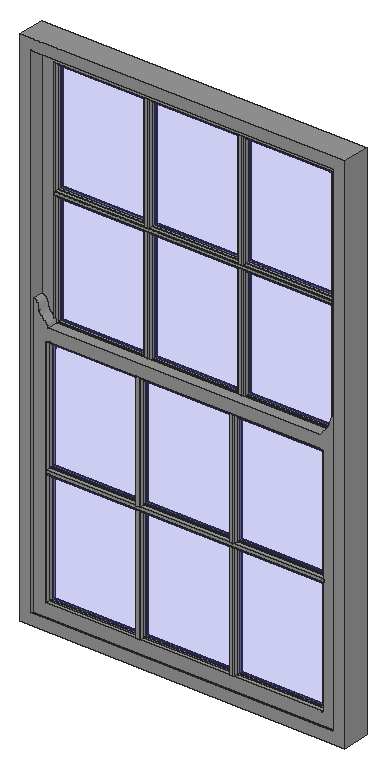
Revit family "HMS6SP", category Windows, host Wall, Revit 2015
Parameters (values of type "HMS6SP")
  Height = 2025 mm
  Default Lintel Height = 2100 mm
  Wall Closure = By host
  Width = 1250 mm
Reference planes
  plane 1 "Center (Front/Back)": y = 0
  plane 2 "Center (Left/Right)": x = 0
  plane 3 "Left": x = -625
  plane 4 "Right": x = 625
  plane 5 "Sill": z = 75
  plane 6 "Head": z = 2100
  plane 7 "Exterior": y = 100
  plane 8 "Interior": y = -100
  plane 9: y = -28.5
  plane 10: y = 23.5
  plane 11: z = 1087.5
  plane 12: z = 1116
  plane 13: z = 1059
Forms (mm)
  Sweep 1, solid, material "Lauan, Meranti"
    path origin (-10500, 23.5, 2100) x (0, 0, -1) y (-1, 0, 0)
      loop
        line (0, -11125) -> (2025, -11125) -> (2025, -9875) -> (0, -9875) -> (0, -11125)
    profile origin (0, 23.5, 2100) x (0, 0, 1) y (0, 1, 0)
      loop
        line (0, 29) -> (-42, 29) -> (-42, -76) -> (0, -76) -> (0, 29)
  Extrusion 2, solid, material "Lauan, Meranti"
    sketch origin (-10500, 0, 1550) x (0, 0, -1) y (-1, 0, 0)
      loop
        line (491, -11026) -> (491, -11083) -> (576, -11083)
        spline (576, -11083) -> (568.022, -11070.331) -> (558.494, -11063.581) -> (548.752, -11060.386) -> (540.116, -11058.399) -> (533.202, -11056.197) -> (527.644, -11053.636) -> (523.005, -11050.669) -> (518.783, -11047.149) -> (514.297, -11042.644) -> (508.83, -11036.691) -> (501.472, -11030.147) -> (491, -11026)
      loop
        spline (491, -9974) -> (501.472, -9969.853) -> (508.83, -9963.309) -> (514.297, -9957.356) -> (518.783, -9952.851) -> (523.005, -9949.331) -> (527.644, -9946.364) -> (533.202, -9943.803) -> (540.116, -9941.601) -> (548.752, -9939.614) -> (558.494, -9936.419) -> (568.022, -9929.669) -> (576, -9917)
        line (576, -9917) -> (491, -9917) -> (491, -9974)
    from 0 to 42
  Extrusion 3, solid, material "Lauan, Meranti"
    sketch origin (-10500, -42, 625) x (0, 0, 1) y (1, 0, 0)
      loop
        spline (491, 11026) -> (501.472, 11030.147) -> (508.83, 11036.691) -> (514.297, 11042.644) -> (518.783, 11047.149) -> (523.005, 11050.669) -> (527.644, 11053.636) -> (533.202, 11056.197) -> (540.116, 11058.399) -> (548.752, 11060.386) -> (558.494, 11063.581) -> (568.022, 11070.331) -> (576, 11083)
        line (576, 11083) -> (491, 11083) -> (491, 11026)
      loop
        line (491, 9974) -> (491, 9917) -> (576, 9917)
        spline (576, 9917) -> (568.022, 9929.669) -> (558.494, 9936.419) -> (548.752, 9939.614) -> (540.116, 9941.601) -> (533.202, 9943.803) -> (527.644, 9946.364) -> (523.005, 9949.331) -> (518.783, 9952.851) -> (514.297, 9957.356) -> (508.83, 9963.309) -> (501.472, 9969.853) -> (491, 9974)
    from 0 to 42
  Sweep 4, solid, material "Lauan, Meranti"
    path origin (-10670.807, 23.5, 1233.046) x (0, 0, -1) y (-1, 0, 0)
      loop
        line (117.046, -11253.807) -> (1116.046, -11253.807) -> (1116.046, -10087.807) -> (117.046, -10087.807) -> (117.046, -11253.807)
    profile origin (0, 23.5, 1116) x (0, 0, 1) y (0, 1, 0)
      loop
        line (0, -65.5) -> (0, -23.5) -> (-48, -23.5) -> (-48, -48.5) -> (-57, -48.5) -> (-57, -56.499) -> (-53.996, -56.499)
        arc (-53.996, -56.499) -> (-52.238, -60.744) -> (-47.994, -62.502) r 6.002
        line (-47.994, -62.502) -> (-47.994, -65.5) -> (0, -65.5)
  Sweep 5, solid, material "Lauan, Meranti"
    path origin (-10671.629, 23.5, 1769.103) x (0, 0, -1) y (-1, 0, 0)
      loop
        line (-288.897, -11254.629) -> (710.103, -11254.629) -> (710.103, -10088.629) -> (-288.897, -10088.629) -> (-288.897, -11254.629)
    profile origin (0, 23.5, 2058) x (0, 0, 1) y (0, 1, 0)
      loop
        line (-48, 18.5) -> (-48, -6.5) -> (-57, -6.5) -> (-57, -14.499) -> (-53.996, -14.499)
        arc (-53.996, -14.499) -> (-52.238, -18.744) -> (-47.994, -20.502) r 6.002
        line (-47.994, -20.502) -> (-47.994, -23.5) -> (0, -23.5) -> (0, 18.5) -> (-48, 18.5)
  Extrusion 6, solid, material "Lauan, Meranti"
    sketch origin (225, 18.5, -3.287) x (1, 0, 0) y (0, 1, 0)
      loop
        line (-51, 23.5) -> (-51, -1.5) -> (-60, -1.5) -> (-60, -9.5) -> (-57, -9.5)
        arc (-57, -9.5) -> (-55.243, -13.743) -> (-51, -15.5) r 6
        line (-51, -15.5) -> (-51, -18.5) -> (-38, -18.5) -> (-38, -15.5)
        arc (-38, -15.5) -> (-33.757, -13.743) -> (-32, -9.5) r 6
        line (-32, -9.5) -> (-29, -9.5) -> (-29, -1.5) -> (-38, -1.5) -> (-38, 23.5) -> (-51, 23.5)
      loop
        line (-412, 23.5) -> (-412, -1.5) -> (-421, -1.5) -> (-421, -9.5) -> (-418, -9.5)
        arc (-418, -9.5) -> (-416.243, -13.743) -> (-412, -15.5) r 6
        line (-412, -15.5) -> (-412, -18.5) -> (-399, -18.5) -> (-399, -15.5)
        arc (-399, -15.5) -> (-394.757, -13.743) -> (-393, -9.5) r 6
        line (-393, -9.5) -> (-390, -9.5) -> (-390, -1.5) -> (-399, -1.5) -> (-399, 23.5) -> (-412, 23.5)
    from 1568.287 to 2013.287
  Extrusion 7, solid, material "Glass"
    sketch origin (-10275, 17, 1900) x (0, 0, -1) y (-1, 0, 0)
      loop
        line (-110, -10810) -> (335, -10810) -> (335, -10462) -> (-110, -10462) -> (-110, -10810)
      loop
        line (-110, -10449) -> (335, -10449) -> (335, -10101) -> (-110, -10101) -> (-110, -10449)
      loop
        line (-110, -10088) -> (335, -10088) -> (335, -9740) -> (-110, -9740) -> (-110, -10088)
      loop
        line (348, -10810) -> (793, -10810) -> (793, -10462) -> (348, -10462) -> (348, -10810)
      loop
        line (348, -10449) -> (793, -10449) -> (793, -10101) -> (348, -10101) -> (348, -10449)
      loop
        line (348, -10088) -> (793, -10088) -> (793, -9740) -> (348, -9740) -> (348, -10088)
    from 0 to 6.4
  Sweep 8, solid, material "Lauan, Meranti"
    path origin (251.75, 100, -342.651) x (1, 0, 0) y (0, 0, 1)
      loop
        line (283.25, 2352.651) -> (-64.75, 2352.651) -> (-64.75, 1907.651) -> (283.25, 1907.651) -> (283.25, 2352.651)
    profile origin (361, 100, 2010) x (0, 0, -1) y (0, -1, 0)
      loop
        arc (0, 68.6) -> (4.67, 70.234) -> (7, 74.6) r 6.807
        line (7, 74.6) -> (9, 74.6) -> (9, 76.6) -> (0, 76.6) -> (0, 68.6)
  Extrusion 9, solid, material "Lauan, Meranti"
    sketch origin (1720.5, 18.5, 1558.5) x (0, 0, 1) y (0, 1, 0)
      loop
        line (-6.5, 23.5) -> (-6.5, -1.5) -> (-15.5, -1.5) -> (-15.5, -9.5) -> (-12.5, -9.5)
        arc (-12.5, -9.5) -> (-10.743, -13.743) -> (-6.5, -15.5) r 6
        line (-6.5, -15.5) -> (-6.5, -18.5) -> (6.5, -18.5) -> (6.5, -15.5)
        arc (6.5, -15.5) -> (10.743, -13.743) -> (12.5, -9.5) r 6
        line (12.5, -9.5) -> (15.5, -9.5) -> (15.5, -1.5) -> (6.5, -1.5) -> (6.5, 23.5) -> (-6.5, 23.5)
    from 1185.5 to 2255.5
  Extrusion 10, solid, material "Lauan, Meranti"
    sketch origin (225, 18.5, -348.287) x (1, 0, 0) y (0, 1, 0)
      loop
        line (-51, 23.5) -> (-51, -1.5) -> (-60, -1.5) -> (-60, -9.5) -> (-57, -9.5)
        arc (-57, -9.5) -> (-55.243, -13.743) -> (-51, -15.5) r 6
        line (-51, -15.5) -> (-51, -18.5) -> (-38, -18.5) -> (-38, -15.5)
        arc (-38, -15.5) -> (-33.757, -13.743) -> (-32, -9.5) r 6
        line (-32, -9.5) -> (-29, -9.5) -> (-29, -1.5) -> (-38, -1.5) -> (-38, 23.5) -> (-51, 23.5)
      loop
        line (-412, 23.5) -> (-412, -1.5) -> (-421, -1.5) -> (-421, -9.5) -> (-418, -9.5)
        arc (-418, -9.5) -> (-416.243, -13.743) -> (-412, -15.5) r 6
        line (-412, -15.5) -> (-412, -18.5) -> (-399, -18.5) -> (-399, -15.5)
        arc (-399, -15.5) -> (-394.757, -13.743) -> (-393, -9.5) r 6
        line (-393, -9.5) -> (-390, -9.5) -> (-390, -1.5) -> (-399, -1.5) -> (-399, 23.5) -> (-412, 23.5)
    from 1455.287 to 1900.287
  Sweep 11, solid, material "Lauan, Meranti"
    path origin (-59.25, 100, -342.651) x (1, 0, 0) y (0, 0, 1)
      loop
        line (233.25, 2352.651) -> (-114.75, 2352.651) -> (-114.75, 1907.651) -> (233.25, 1907.651) -> (233.25, 2352.651)
    profile origin (0, 100, 2010) x (0, 0, -1) y (0, -1, 0)
      loop
        arc (0, 68.6) -> (4.67, 70.234) -> (7, 74.6) r 6.807
        line (7, 74.6) -> (9, 74.6) -> (9, 76.6) -> (0, 76.6) -> (0, 68.6)
  Sweep 12, solid, material "Lauan, Meranti"
    path origin (-370.25, 100, -342.651) x (1, 0, 0) y (0, 0, 1)
      loop
        line (183.25, 2352.651) -> (-164.75, 2352.651) -> (-164.75, 1907.651) -> (183.25, 1907.651) -> (183.25, 2352.651)
    profile origin (-361, 100, 2010) x (0, 0, -1) y (0, -1, 0)
      loop
        arc (0, 68.6) -> (4.67, 70.234) -> (7, 74.6) r 6.807
        line (7, 74.6) -> (9, 74.6) -> (9, 76.6) -> (0, 76.6) -> (0, 68.6)
  Sweep 13, solid, material "Lauan, Meranti"
    path origin (251.75, 100, -688.151) x (1, 0, 0) y (0, 0, 1)
      loop
        line (283.25, 2240.151) -> (-64.75, 2240.151) -> (-64.75, 1795.151) -> (283.25, 1795.151) -> (283.25, 2240.151)
    profile origin (361, 100, 1552) x (0, 0, -1) y (0, -1, 0)
      loop
        arc (0, 68.6) -> (4.67, 70.234) -> (7, 74.6) r 6.807
        line (7, 74.6) -> (9, 74.6) -> (9, 76.6) -> (0, 76.6) -> (0, 68.6)
  Sweep 14, solid, material "Lauan, Meranti"
    path origin (-59.25, 100, -688.151) x (1, 0, 0) y (0, 0, 1)
      loop
        line (233.25, 2240.151) -> (-114.75, 2240.151) -> (-114.75, 1795.151) -> (233.25, 1795.151) -> (233.25, 2240.151)
    profile origin (0, 100, 1552) x (0, 0, -1) y (0, -1, 0)
      loop
        arc (0, 68.6) -> (4.67, 70.234) -> (7, 74.6) r 6.807
        line (7, 74.6) -> (9, 74.6) -> (9, 76.6) -> (0, 76.6) -> (0, 68.6)
  Sweep 15, solid, material "Lauan, Meranti"
    path origin (-370.25, 100, -688.151) x (1, 0, 0) y (0, 0, 1)
      loop
        line (183.25, 2240.151) -> (-164.75, 2240.151) -> (-164.75, 1795.151) -> (183.25, 1795.151) -> (183.25, 2240.151)
    profile origin (-361, 100, 1552) x (0, 0, -1) y (0, -1, 0)
      loop
        arc (0, 68.6) -> (4.67, 70.234) -> (7, 74.6) r 6.807
        line (7, 74.6) -> (9, 74.6) -> (9, 76.6) -> (0, 76.6) -> (0, 68.6)
  Extrusion 16, solid, material "Lauan, Meranti"
    sketch origin (225, -23.5, -945.287) x (1, 0, 0) y (0, 1, 0)
      loop
        line (-51, 23.5) -> (-51, -1.5) -> (-60, -1.5) -> (-60, -9.5) -> (-57, -9.5)
        arc (-57, -9.5) -> (-55.243, -13.743) -> (-51, -15.5) r 6
        line (-51, -15.5) -> (-51, -18.5) -> (-38, -18.5) -> (-38, -15.5)
        arc (-38, -15.5) -> (-33.757, -13.743) -> (-32, -9.5) r 6
        line (-32, -9.5) -> (-29, -9.5) -> (-29, -1.5) -> (-38, -1.5) -> (-38, 23.5) -> (-51, 23.5)
      loop
        line (-412, 23.5) -> (-412, -1.5) -> (-421, -1.5) -> (-421, -9.5) -> (-418, -9.5)
        arc (-418, -9.5) -> (-416.243, -13.743) -> (-412, -15.5) r 6
        line (-412, -15.5) -> (-412, -18.5) -> (-399, -18.5) -> (-399, -15.5)
        arc (-399, -15.5) -> (-394.757, -13.743) -> (-393, -9.5) r 6
        line (-393, -9.5) -> (-390, -9.5) -> (-390, -1.5) -> (-399, -1.5) -> (-399, 23.5) -> (-412, 23.5)
    from 1568.287 to 2013.287
  Extrusion 17, solid, material "Glass"
    sketch origin (-10275, -25, 958) x (0, 0, -1) y (-1, 0, 0)
      loop
        line (-110, -10810) -> (335, -10810) -> (335, -10462) -> (-110, -10462) -> (-110, -10810)
      loop
        line (-110, -10449) -> (335, -10449) -> (335, -10101) -> (-110, -10101) -> (-110, -10449)
      loop
        line (-110, -10088) -> (335, -10088) -> (335, -9740) -> (-110, -9740) -> (-110, -10088)
      loop
        line (348, -10810) -> (793, -10810) -> (793, -10462) -> (348, -10462) -> (348, -10810)
      loop
        line (348, -10449) -> (793, -10449) -> (793, -10101) -> (348, -10101) -> (348, -10449)
      loop
        line (348, -10088) -> (793, -10088) -> (793, -9740) -> (348, -9740) -> (348, -10088)
    from 0 to 6.4
  Sweep 18, solid, material "Lauan, Meranti"
    path origin (251.75, 58, -1284.651) x (1, 0, 0) y (0, 0, 1)
      loop
        line (283.25, 2352.651) -> (-64.75, 2352.651) -> (-64.75, 1907.651) -> (283.25, 1907.651) -> (283.25, 2352.651)
    profile origin (361, 58, 1068) x (0, 0, -1) y (0, -1, 0)
      loop
        arc (0, 68.6) -> (4.67, 70.234) -> (7, 74.6) r 6.807
        line (7, 74.6) -> (9, 74.6) -> (9, 76.6) -> (0, 76.6) -> (0, 68.6)
  Extrusion 19, solid, material "Lauan, Meranti"
    sketch origin (1720.5, -23.5, 616.5) x (0, 0, 1) y (0, 1, 0)
      loop
        line (-6.5, 23.5) -> (-6.5, -1.5) -> (-15.5, -1.5) -> (-15.5, -9.5) -> (-12.5, -9.5)
        arc (-12.5, -9.5) -> (-10.743, -13.743) -> (-6.5, -15.5) r 6
        line (-6.5, -15.5) -> (-6.5, -18.5) -> (6.5, -18.5) -> (6.5, -15.5)
        arc (6.5, -15.5) -> (10.743, -13.743) -> (12.5, -9.5) r 6
        line (12.5, -9.5) -> (15.5, -9.5) -> (15.5, -1.5) -> (6.5, -1.5) -> (6.5, 23.5) -> (-6.5, 23.5)
    from 1185.5 to 2255.5
  Extrusion 20, solid, material "Lauan, Meranti"
    sketch origin (225, -23.5, -1290.287) x (1, 0, 0) y (0, 1, 0)
      loop
        line (-51, 23.5) -> (-51, -1.5) -> (-60, -1.5) -> (-60, -9.5) -> (-57, -9.5)
        arc (-57, -9.5) -> (-55.243, -13.743) -> (-51, -15.5) r 6
        line (-51, -15.5) -> (-51, -18.5) -> (-38, -18.5) -> (-38, -15.5)
        arc (-38, -15.5) -> (-33.757, -13.743) -> (-32, -9.5) r 6
        line (-32, -9.5) -> (-29, -9.5) -> (-29, -1.5) -> (-38, -1.5) -> (-38, 23.5) -> (-51, 23.5)
      loop
        line (-412, 23.5) -> (-412, -1.5) -> (-421, -1.5) -> (-421, -9.5) -> (-418, -9.5)
        arc (-418, -9.5) -> (-416.243, -13.743) -> (-412, -15.5) r 6
        line (-412, -15.5) -> (-412, -18.5) -> (-399, -18.5) -> (-399, -15.5)
        arc (-399, -15.5) -> (-394.757, -13.743) -> (-393, -9.5) r 6
        line (-393, -9.5) -> (-390, -9.5) -> (-390, -1.5) -> (-399, -1.5) -> (-399, 23.5) -> (-412, 23.5)
    from 1455.287 to 1900.287
  Sweep 21, solid, material "Lauan, Meranti"
    path origin (-59.25, 58, -1284.651) x (1, 0, 0) y (0, 0, 1)
      loop
        line (233.25, 2352.651) -> (-114.75, 2352.651) -> (-114.75, 1907.651) -> (233.25, 1907.651) -> (233.25, 2352.651)
    profile origin (0, 58, 1068) x (0, 0, -1) y (0, -1, 0)
      loop
        arc (0, 68.6) -> (4.67, 70.234) -> (7, 74.6) r 6.807
        line (7, 74.6) -> (9, 74.6) -> (9, 76.6) -> (0, 76.6) -> (0, 68.6)
  Sweep 22, solid, material "Lauan, Meranti"
    path origin (-370.25, 58, -1284.651) x (1, 0, 0) y (0, 0, 1)
      loop
        line (183.25, 2352.651) -> (-164.75, 2352.651) -> (-164.75, 1907.651) -> (183.25, 1907.651) -> (183.25, 2352.651)
    profile origin (-361, 58, 1068) x (0, 0, -1) y (0, -1, 0)
      loop
        arc (0, 68.6) -> (4.67, 70.234) -> (7, 74.6) r 6.807
        line (7, 74.6) -> (9, 74.6) -> (9, 76.6) -> (0, 76.6) -> (0, 68.6)
  Sweep 23, solid, material "Lauan, Meranti"
    path origin (251.75, 58, -1630.151) x (1, 0, 0) y (0, 0, 1)
      loop
        line (283.25, 2240.151) -> (-64.75, 2240.151) -> (-64.75, 1795.151) -> (283.25, 1795.151) -> (283.25, 2240.151)
    profile origin (361, 58, 610) x (0, 0, -1) y (0, -1, 0)
      loop
        arc (0, 68.6) -> (4.67, 70.234) -> (7, 74.6) r 6.807
        line (7, 74.6) -> (9, 74.6) -> (9, 76.6) -> (0, 76.6) -> (0, 68.6)
  Sweep 24, solid, material "Lauan, Meranti"
    path origin (-59.25, 58, -1630.151) x (1, 0, 0) y (0, 0, 1)
      loop
        line (233.25, 2240.151) -> (-114.75, 2240.151) -> (-114.75, 1795.151) -> (233.25, 1795.151) -> (233.25, 2240.151)
    profile origin (0, 58, 610) x (0, 0, -1) y (0, -1, 0)
      loop
        arc (0, 68.6) -> (4.67, 70.234) -> (7, 74.6) r 6.807
        line (7, 74.6) -> (9, 74.6) -> (9, 76.6) -> (0, 76.6) -> (0, 68.6)
  Sweep 25, solid, material "Lauan, Meranti"
    path origin (-370.25, 58, -1630.151) x (1, 0, 0) y (0, 0, 1)
      loop
        line (183.25, 2240.151) -> (-164.75, 2240.151) -> (-164.75, 1795.151) -> (183.25, 1795.151) -> (183.25, 2240.151)
    profile origin (-361, 58, 610) x (0, 0, -1) y (0, -1, 0)
      loop
        arc (0, 68.6) -> (4.67, 70.234) -> (7, 74.6) r 6.807
        line (7, 74.6) -> (9, 74.6) -> (9, 76.6) -> (0, 76.6) -> (0, 68.6)
Cuts and joins
  joined: Extrusion 2, Sweep 5
  joined: Extrusion 3, Sweep 4
Lines and regions (mm)
  Opening 1
    outline origin (3500, -100, 0) x (1, 0, 0) y (0, 0, 1)
      loop
        line (-2875, 75) -> (-2875, 2100) -> (-4125, 2100) -> (-4125, 75) -> (-2875, 75)
  model lines
    curve 1: line (583, 42, 2058) -> (0, 42, 1107)
    curve 2: line (-583, 42, 2058) -> (0, 42, 1107)
Text (mm)
  text "EXTERIOR" at (-1963.203, 1332.353, 0), in view "Ref. Level"
  text "INTERIOR" at (-1981.466, -818.386, 0), in view "Ref. Level"
  text "Exterior" at (0, 923.751, 2943.296), in view "Right"
  text "Exterior" at (0, 1040.484, 2685.409), in view "Left"
Dimensions and locks
  equal spacing: plane 3 "Left", plane 2 "Center (Left/Right)", plane 4 "Right"
  "Width": plane 3 "Left" to plane 4 "Right"
  "Height": plane 5 "Sill" to plane 6 "Head"
  "Default Lintel Height": plane 6 "Head" to level
  locked: plane 7 "Exterior" to host wall at 0
  locked: plane 8 "Interior" to host wall
  locked: plane 10 to plane 9 at 52
  plane 3 "Left" to plane 4 "Right" = 1250 mm
  aligned and locked: Sweep 1 sketch curve to host wall  (x4)
  aligned and locked: Sweep 4 sketch curve to Sweep 1
  aligned and locked: Sweep 5 sketch curve to Sweep 1
  aligned and locked: Extrusion 7 sketch curve to Extrusion 6  (x3)
  aligned and locked: Extrusion 7 sketch curve to Extrusion 9  (x2)
  aligned and locked: Extrusion 7 sketch curve to Extrusion 7 sketch curve  (x4)
  aligned and locked: Extrusion 7 to Sweep 8 sketch curve
  aligned and locked: Extrusion 7 to Sweep 11 sketch curve
  aligned and locked: Extrusion 7 to Sweep 12 sketch curve
  aligned and locked: Sweep 13 sketch curve to Extrusion 7
  aligned and locked: Extrusion 7 to Sweep 14 sketch curve
  aligned and locked: Extrusion 7 to Sweep 15 sketch curve
  aligned and locked: Extrusion 7 sketch curve to Extrusion 10
  aligned and locked: Extrusion 10 to Extrusion 7 sketch curve
  aligned and locked: Extrusion 6 to Extrusion 7 sketch curve
  aligned and locked: Sweep 12 sketch curve to Extrusion 6
  aligned and locked: Sweep 11 sketch curve to Extrusion 6  (x2)
  aligned and locked: Sweep 8 sketch curve to Extrusion 6
  aligned and locked: Sweep 8 sketch curve to cut or joined group of Extrusion 2, Sweep 5
  aligned and locked: Extrusion 17 sketch curve to Extrusion 16  (x3)
  aligned and locked: Extrusion 17 sketch curve to Extrusion 19  (x2)
  aligned and locked: Extrusion 17 sketch curve to Extrusion 17 sketch curve  (x4)
  aligned and locked: Extrusion 17 to Sweep 18 sketch curve
  aligned and locked: Extrusion 17 to Sweep 21 sketch curve
  aligned and locked: Extrusion 17 to Sweep 22 sketch curve
  aligned and locked: Sweep 23 sketch curve to Extrusion 17
  aligned and locked: Extrusion 17 to Sweep 24 sketch curve
  aligned and locked: Extrusion 17 to Sweep 25 sketch curve
  aligned and locked: Extrusion 17 sketch curve to Extrusion 20
  aligned and locked: Extrusion 20 to Extrusion 17 sketch curve
  aligned and locked: Extrusion 16 to Extrusion 17 sketch curve
  aligned and locked: Sweep 22 sketch curve to Extrusion 16
  aligned and locked: Sweep 21 sketch curve to Extrusion 16  (x2)
  aligned and locked: Sweep 18 sketch curve to Extrusion 16
Automatic sketch dimensions
  plane 3 "Left" to Opening 1 sketch curve = 0 mm
  plane 4 "Right" to Opening 1 sketch curve = 0 mm
  Opening 1 sketch curve to plane 5 "Sill" = 0 mm
  Opening 1 sketch curve to plane 6 "Head" = 0 mm
  profile plane to Sweep 1 sketch curve = 0 mm
  profile plane to Sweep 1 sketch curve = 42 mm
  Sweep 1 sketch curve to plane 10 = 76 mm
  plane 10 to Sweep 1 sketch curve = 29 mm
  plane 2 "Center (Left/Right)" to curve 1 = 0 mm
  curve 2 to plane 12 = 9 mm
  curve 2 to plane 3 "Left" = 42 mm
  plane 4 "Right" to curve 1 = 42 mm
  plane 6 "Head" to curve 2 = 42 mm
  plane 6 "Head" to curve 1 = 42 mm
  Extrusion 2 sketch curve to plane 13 = 0 mm  (x2)
  Extrusion 2 sketch curve to plane 3 "Left" = 42 mm
  Extrusion 2 sketch curve to plane 13 = 85 mm  (x2)
  plane 4 "Right" to Extrusion 2 sketch curve = 42 mm
  Extrusion 2 sketch curve to Extrusion 2 sketch curve = 57 mm  (x2)
  Extrusion 3 sketch curve to plane 12 = 0 mm  (x2)
  Extrusion 3 sketch curve to plane 3 "Left" = 42 mm
  Extrusion 3 sketch curve to Extrusion 3 sketch curve = 85 mm  (x2)
  plane 4 "Right" to Extrusion 3 sketch curve = 42 mm
  Extrusion 3 sketch curve to Extrusion 3 sketch curve = 57 mm  (x2)
  Sweep 4 sketch curve to plane 12 = 0 mm
  plane 4 "Right" to Sweep 4 sketch curve = 42 mm
  Sweep 4 sketch curve to plane 3 "Left" = 42 mm
  profile plane to Sweep 4 sketch curve = 0 mm
  Sweep 4 sketch curve to Sweep 4 sketch curve = 47.994 mm
  Sweep 4 sketch curve to Sweep 4 sketch curve = 0.006 mm
  Sweep 4 sketch curve to Sweep 4 sketch curve = 6.002 mm
  Sweep 4 sketch curve to Sweep 4 sketch curve = 3.004 mm
  Sweep 4 sketch curve to profile plane = 65.5 mm
  Sweep 4 sketch curve to Sweep 4 sketch curve = 2.998 mm
  Sweep 4 sketch curve to Sweep 4 sketch curve = 7.999 mm
  Sweep 4 sketch curve to profile plane = 23.5 mm
  Sweep 5 sketch curve to plane 13 = 0 mm
  plane 4 "Right" to Sweep 5 sketch curve = 42 mm
  Sweep 5 sketch curve to plane 3 "Left" = 42 mm
  profile plane to Sweep 5 sketch curve = 0 mm
  Sweep 5 sketch curve to profile plane = 23.5 mm
  profile plane to Sweep 5 sketch curve = 47.994 mm
  Sweep 5 sketch curve to Sweep 5 sketch curve = 0.006 mm
  Sweep 5 sketch curve to Sweep 5 sketch curve = 6.002 mm
  Sweep 5 sketch curve to Sweep 5 sketch curve = 3.004 mm
  Sweep 5 sketch curve to Sweep 5 sketch curve = 2.998 mm
  Sweep 5 sketch curve to profile plane = 6.5 mm
  profile plane to Sweep 5 sketch curve = 18.5 mm
  host wall to Extrusion 6 sketch curve = 0 mm  (x2)
  Extrusion 6 sketch curve to plane 10 = 6.5 mm  (x4)
  plane 2 "Center (Left/Right)" to Extrusion 6 sketch curve = 196 mm
  Extrusion 6 sketch curve to Extrusion 6 sketch curve = 3 mm  (x4)
  Extrusion 6 sketch curve to Extrusion 6 sketch curve = 9 mm  (x2)
  Extrusion 6 sketch curve to host wall = 3 mm  (x3)
  Extrusion 6 sketch curve to Extrusion 6 sketch curve = 6 mm  (x4)
  Extrusion 6 sketch curve to Extrusion 6 sketch curve = 13 mm  (x4)
  Extrusion 6 sketch curve to host wall = 9 mm
  Extrusion 6 sketch curve to plane 2 "Center (Left/Right)" = 165 mm
  plane 10 to Extrusion 6 sketch curve = 18.5 mm  (x2)
  plane 6 "Head" to Extrusion 7 sketch curve = 90 mm  (x2)
  Extrusion 7 sketch curve to Extrusion 7 sketch curve = 0 mm  (x3)
  Extrusion 7 sketch curve to Extrusion 7 sketch curve = 13 mm  (x2)
  Extrusion 7 sketch curve to plane 12 = 9 mm  (x3)
  plane 4 "Right" to Extrusion 7 sketch curve = 90 mm
  Extrusion 7 sketch curve to plane 3 "Left" = 90 mm
  plane 4 "Right" to Sweep 8 sketch curve = 90 mm
  Sweep 8 sketch curve to profile plane = 0 mm
  Sweep 8 sketch curve to profile plane = 0.241 mm
  Sweep 8 sketch curve to Sweep 8 sketch curve = 6.759 mm
  Sweep 8 sketch curve to Sweep 8 sketch curve = 2 mm  (x2)
  profile plane to Sweep 8 sketch curve = 68.6 mm
  Sweep 8 sketch curve to Sweep 8 sketch curve = 6 mm
  Extrusion 9 sketch curve to host wall = 0 mm
  Extrusion 9 sketch curve to host wall = 9 mm
  plane 12 to Extrusion 9 sketch curve = 427 mm
  Extrusion 9 sketch curve to Extrusion 9 sketch curve = 3 mm  (x3)
  Extrusion 9 sketch curve to Extrusion 9 sketch curve = 9 mm
  Extrusion 9 sketch curve to host wall = 3 mm
  Extrusion 9 sketch curve to Extrusion 9 sketch curve = 13 mm  (x2)
  Extrusion 9 sketch curve to Extrusion 9 sketch curve = 6 mm
  Extrusion 9 sketch curve to plane 10 = 6.5 mm  (x2)
  plane 10 to Extrusion 9 sketch curve = 18.5 mm
  host wall to Extrusion 10 sketch curve = 0 mm  (x2)
  Extrusion 10 sketch curve to plane 10 = 6.5 mm  (x4)
  plane 2 "Center (Left/Right)" to Extrusion 10 sketch curve = 196 mm
  Extrusion 10 sketch curve to Extrusion 10 sketch curve = 3 mm  (x4)
  Extrusion 10 sketch curve to Extrusion 10 sketch curve = 9 mm  (x2)
  Extrusion 10 sketch curve to host wall = 3 mm  (x3)
  Extrusion 10 sketch curve to Extrusion 10 sketch curve = 6 mm  (x4)
  Extrusion 10 sketch curve to Extrusion 10 sketch curve = 13 mm  (x4)
  Extrusion 10 sketch curve to host wall = 9 mm
  Extrusion 10 sketch curve to plane 2 "Center (Left/Right)" = 165 mm
  plane 10 to Extrusion 10 sketch curve = 18.5 mm  (x2)
  plane 6 "Head" to Sweep 11 sketch curve = 90 mm
  Sweep 11 sketch curve to profile plane = 0 mm
  Sweep 11 sketch curve to profile plane = 0.241 mm
  Sweep 11 sketch curve to Sweep 11 sketch curve = 6.759 mm
  Sweep 11 sketch curve to Sweep 11 sketch curve = 2 mm  (x2)
  profile plane to Sweep 11 sketch curve = 68.6 mm
  Sweep 11 sketch curve to Sweep 11 sketch curve = 6 mm
  Sweep 12 sketch curve to plane 3 "Left" = 90 mm
  plane 6 "Head" to Sweep 12 sketch curve = 90 mm
  Sweep 12 sketch curve to profile plane = 0 mm
  Sweep 12 sketch curve to profile plane = 0.241 mm
  Sweep 12 sketch curve to Sweep 12 sketch curve = 6.759 mm
  Sweep 12 sketch curve to Sweep 12 sketch curve = 2 mm  (x2)
  profile plane to Sweep 12 sketch curve = 68.6 mm
  Sweep 12 sketch curve to Sweep 12 sketch curve = 6 mm
  Sweep 13 sketch curve to plane 2 "Center (Left/Right)" = 187 mm
  Sweep 13 sketch curve to plane 12 = 9 mm
  plane 4 "Right" to Sweep 13 sketch curve = 90 mm
  Sweep 13 sketch curve to profile plane = 0 mm
  Sweep 13 sketch curve to profile plane = 0.241 mm
  Sweep 13 sketch curve to Sweep 13 sketch curve = 6.759 mm
  Sweep 13 sketch curve to Sweep 13 sketch curve = 2 mm  (x2)
  profile plane to Sweep 13 sketch curve = 68.6 mm
  Sweep 13 sketch curve to Sweep 13 sketch curve = 6 mm
  plane 2 "Center (Left/Right)" to Sweep 14 sketch curve = 174 mm
  Sweep 14 sketch curve to plane 12 = 9 mm
  Sweep 14 sketch curve to plane 2 "Center (Left/Right)" = 174 mm
  Sweep 14 sketch curve to profile plane = 0 mm
  Sweep 14 sketch curve to profile plane = 0.241 mm
  Sweep 14 sketch curve to Sweep 14 sketch curve = 6.759 mm
  Sweep 14 sketch curve to Sweep 14 sketch curve = 2 mm  (x2)
  profile plane to Sweep 14 sketch curve = 68.6 mm
  Sweep 14 sketch curve to Sweep 14 sketch curve = 6 mm
  Sweep 15 sketch curve to plane 3 "Left" = 90 mm
  Sweep 15 sketch curve to plane 12 = 9 mm
  plane 2 "Center (Left/Right)" to Sweep 15 sketch curve = 187 mm
  Sweep 15 sketch curve to profile plane = 0 mm
  Sweep 15 sketch curve to profile plane = 0.241 mm
  Sweep 15 sketch curve to Sweep 15 sketch curve = 6.759 mm
  Sweep 15 sketch curve to Sweep 15 sketch curve = 2 mm  (x2)
  profile plane to Sweep 15 sketch curve = 68.6 mm
  Sweep 15 sketch curve to Sweep 15 sketch curve = 6 mm
  host wall to Extrusion 16 sketch curve = 0 mm  (x2)
  plane 9 to Extrusion 16 sketch curve = 3.5 mm  (x4)
  plane 2 "Center (Left/Right)" to Extrusion 16 sketch curve = 196 mm
  Extrusion 16 sketch curve to Extrusion 16 sketch curve = 3 mm  (x8)
  Extrusion 16 sketch curve to Extrusion 16 sketch curve = 9 mm  (x2)
  Extrusion 16 sketch curve to Extrusion 16 sketch curve = 6 mm  (x4)
  Extrusion 16 sketch curve to Extrusion 16 sketch curve = 13 mm  (x4)
  Extrusion 16 sketch curve to plane 9 = 4.5 mm
  Extrusion 16 sketch curve to plane 2 "Center (Left/Right)" = 165 mm
  Extrusion 16 sketch curve to plane 9 = 10.5 mm
  plane 13 to Extrusion 17 sketch curve = 9 mm  (x3)
  Extrusion 17 sketch curve to Extrusion 17 sketch curve = 13 mm  (x2)
  Extrusion 17 sketch curve to plane 5 "Sill" = 90 mm
  Extrusion 17 sketch curve to Extrusion 17 sketch curve = 0 mm  (x4)
  plane 4 "Right" to Extrusion 17 sketch curve = 90 mm
  Extrusion 17 sketch curve to plane 3 "Left" = 90 mm
  plane 4 "Right" to Sweep 18 sketch curve = 90 mm
  plane 13 to Sweep 18 sketch curve = 9 mm
  Sweep 18 sketch curve to profile plane = 0 mm
  Sweep 18 sketch curve to profile plane = 0.241 mm
  Sweep 18 sketch curve to Sweep 18 sketch curve = 6.759 mm
  Sweep 18 sketch curve to Sweep 18 sketch curve = 2 mm  (x2)
  profile plane to Sweep 18 sketch curve = 68.6 mm
  Sweep 18 sketch curve to Sweep 18 sketch curve = 6 mm
  Extrusion 19 sketch curve to host wall = 0 mm
  Extrusion 19 sketch curve to plane 9 = 4.5 mm
  Extrusion 19 sketch curve to plane 13 = 458 mm
  Extrusion 19 sketch curve to Extrusion 19 sketch curve = 3 mm  (x3)
  plane 9 to Extrusion 19 sketch curve = 3.5 mm  (x2)
  Extrusion 19 sketch curve to Extrusion 19 sketch curve = 9 mm
  Extrusion 19 sketch curve to Extrusion 19 sketch curve = 6 mm  (x2)
  Extrusion 19 sketch curve to Extrusion 19 sketch curve = 13 mm  (x2)
  Extrusion 19 sketch curve to plane 9 = 10.5 mm
  host wall to Extrusion 20 sketch curve = 0 mm  (x2)
  plane 9 to Extrusion 20 sketch curve = 3.5 mm  (x4)
  plane 2 "Center (Left/Right)" to Extrusion 20 sketch curve = 196 mm
  Extrusion 20 sketch curve to Extrusion 20 sketch curve = 3 mm  (x8)
  Extrusion 20 sketch curve to Extrusion 20 sketch curve = 9 mm  (x2)
  Extrusion 20 sketch curve to Extrusion 20 sketch curve = 6 mm  (x4)
  Extrusion 20 sketch curve to Extrusion 20 sketch curve = 13 mm  (x4)
  Extrusion 20 sketch curve to plane 9 = 4.5 mm
  Extrusion 20 sketch curve to plane 2 "Center (Left/Right)" = 165 mm
  Extrusion 20 sketch curve to plane 9 = 10.5 mm
  plane 13 to Sweep 21 sketch curve = 9 mm
  Sweep 21 sketch curve to profile plane = 0 mm
  Sweep 21 sketch curve to profile plane = 0.241 mm
  Sweep 21 sketch curve to Sweep 21 sketch curve = 6.759 mm
  Sweep 21 sketch curve to Sweep 21 sketch curve = 2 mm  (x2)
  profile plane to Sweep 21 sketch curve = 68.6 mm
  Sweep 21 sketch curve to Sweep 21 sketch curve = 6 mm
  Sweep 22 sketch curve to plane 3 "Left" = 90 mm
  plane 13 to Sweep 22 sketch curve = 9 mm
  Sweep 22 sketch curve to profile plane = 0 mm
  Sweep 22 sketch curve to profile plane = 0.241 mm
  Sweep 22 sketch curve to Sweep 22 sketch curve = 6.759 mm
  Sweep 22 sketch curve to Sweep 22 sketch curve = 2 mm  (x2)
  profile plane to Sweep 22 sketch curve = 68.6 mm
  Sweep 22 sketch curve to Sweep 22 sketch curve = 6 mm
  Sweep 23 sketch curve to plane 2 "Center (Left/Right)" = 187 mm
  plane 4 "Right" to Sweep 23 sketch curve = 90 mm
  Sweep 23 sketch curve to plane 5 "Sill" = 90 mm
  Sweep 23 sketch curve to profile plane = 0 mm
  Sweep 23 sketch curve to profile plane = 0.241 mm
  Sweep 23 sketch curve to Sweep 23 sketch curve = 6.759 mm
  Sweep 23 sketch curve to Sweep 23 sketch curve = 2 mm  (x2)
  profile plane to Sweep 23 sketch curve = 68.6 mm
  Sweep 23 sketch curve to Sweep 23 sketch curve = 6 mm
  plane 2 "Center (Left/Right)" to Sweep 24 sketch curve = 174 mm
  Sweep 24 sketch curve to plane 2 "Center (Left/Right)" = 174 mm
  Sweep 24 sketch curve to plane 5 "Sill" = 90 mm
  Sweep 24 sketch curve to profile plane = 0 mm
  Sweep 24 sketch curve to profile plane = 0.241 mm
  Sweep 24 sketch curve to Sweep 24 sketch curve = 6.759 mm
  Sweep 24 sketch curve to Sweep 24 sketch curve = 2 mm  (x2)
  profile plane to Sweep 24 sketch curve = 68.6 mm
  Sweep 24 sketch curve to Sweep 24 sketch curve = 6 mm
  Sweep 25 sketch curve to plane 3 "Left" = 90 mm
  Sweep 25 sketch curve to plane 5 "Sill" = 90 mm
  plane 2 "Center (Left/Right)" to Sweep 25 sketch curve = 187 mm
  Sweep 25 sketch curve to profile plane = 0 mm
  Sweep 25 sketch curve to profile plane = 0.241 mm
  Sweep 25 sketch curve to Sweep 25 sketch curve = 6.759 mm
  Sweep 25 sketch curve to Sweep 25 sketch curve = 2 mm  (x2)
  profile plane to Sweep 25 sketch curve = 68.6 mm
  Sweep 25 sketch curve to Sweep 25 sketch curve = 6 mm
